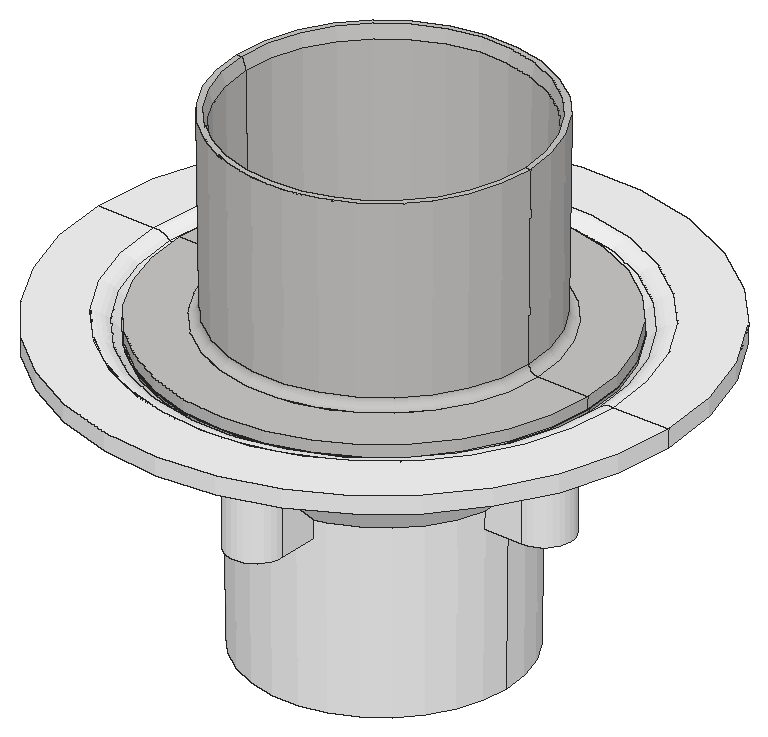
Revit family "3000.117 & 118 DPJ 80x80", category Plumbing Fixtures, Revit 2019
Family settings
  Round Connector Dimension = Use Diameter
  Part Type = Normal
  OmniClass Number = 23.45.00.00
  Work Plane-Based = No
  Always vertical = Yes
  Cut with Voids When Loaded = No
  Shared = No
  Room Calculation Point = No
Parameters (values of type "DPJ 80x80nv")
  Waste Connection = yes
  Vent Connection = no
  V = not(NV)  # no
  URL = "www.aquaknight.co.nz"
  Phone = "+6498322214"  # constant formula
  NV = yes
  Model = "3000.118"
  Manufacturer = "Aquanight Industries Ltd"  # constant formula
  Inlet = 26.5 mm
  HW Connection = no
  Email = "info@aquaknight.co.nz"  # constant formula
  Description = "DownPipe Junction 80x80 none-vented"
  CW Connection = no
Types (2, lengths in mm): name | V | NV | Model | Inlet | Description
  DPJ 80x80v | yes | no | "3000.117" | 26 | "DownPipe Junction 80x80 vented"
  DPJ 80x80nv | no | yes | "3000.118" | 26.5 | "DownPipe Junction 80x80 none-vented"
Reference planes
  plane 1 "Center (Front/Back)": y = 0
  plane 2: z = 0
  plane 3 "Center (Left/Right)": x = 0
  plane 4: z = -61.858
  plane 5: z = 26.5
Forms (mm)
  Revolve 1, solid, material "Plastic, Glossy White"
    sketch origin (0, 0, -4) x (1, 0, 0) y (0, 0, 1)
      loop
        line (68.964, -1) -> (86.492, -1) -> (86.492, 4) -> (69.731, 4)
        arc (69.731, 4) -> (67.109, 3.478) -> (64.886, 1.993) r 6.851
        line (64.886, 1.993) -> (33.035, -29.858) -> (32.428, -83.858) -> (37.428, -83.858) -> (38.011, -31.953) -> (68.964, -1)
      axis (0, 4) -> (0, -83.858)
    angle from 0 to 360
  Extrusion 2, solid, material "Plastic, Glossy White", detail levels fine
    sketch origin (0, 0, -4) x (1, 0, 0) y (0, 1, 0)
      loop
        line (-48.511, -8.2) -> (-37.02, -8.2) -> (-37.02, 8.2) -> (-48.511, 8.2)
        arc (-48.511, 8.2) -> (-56.711, 0) -> (-48.511, -8.2) r 8.2
      loop
        arc (48.511, -8.2) -> (56.711, 0) -> (48.511, 8.2) r 8.2
        line (48.511, 8.2) -> (37.02, 8.2) -> (37.02, -8.2) -> (48.511, -8.2)
      loop
        line (-8.2, 48.511) -> (-8.2, 37.02) -> (8.2, 37.02) -> (8.2, 48.511)
        arc (8.2, 48.511) -> (0, 56.711) -> (-8.2, 48.511) r 8.2
      loop
        arc (-8.2, -48.511) -> (0, -56.711) -> (8.2, -48.511) r 8.2
        line (8.2, -48.511) -> (8.2, -37.02) -> (-8.2, -37.02) -> (-8.2, -48.511)
    from -37 to -12.5
  Revolve 3, solid, visible <- "V"
    sketch origin (0, 0, 0) x (1, 0, 0) y (0, 0, 1)
      loop
        line (41.997, 48.923) -> (41.37, 0.995) -> (37.989, -2.386) -> (37.989, -7.335) -> (41.705, -3.62) -> (55, -3.62) -> (55, -0.163) -> (46.383, -0.162)
        arc (46.383, -0.162) -> (44.994, 0.399) -> (44.385, 1.768) r 2
        line (44.385, 1.768) -> (44.091, 10.186) -> (44.636, 51.875) -> (42.83, 51.875) -> (41.997, 48.923)
      loop
        line (55.55, 0.38) -> (55.55, -4.123) -> (42.603, -4.123) -> (41.726, -5) -> (41.726, -6.81) -> (56.208, -6.81) -> (62.286, -0.733) -> (62.286, 0.38) -> (55.55, 0.38)
      axis (0, 51.875) -> (0, -7.335)
    angle from 0 to 360
  Revolve 4, solid, material "Stainless Steel", visible <- "NV"
    sketch origin (0, 0, 0) x (1, 0, 0) y (0, 0, 1)
      loop
        line (-44.588, 55.875) -> (-43.984, 2.819)
        arc (-43.984, 2.819) -> (-44.744, 0.934) -> (-46.619, 0.15) r 2.635
        line (-46.619, 0.15) -> (-62, 0.15) -> (-62, -3.154) -> (-42.045, -3.154) -> (-37.833, -7.367) -> (-37.833, -2.417) -> (-41.362, 1.112) -> (-41.94, 52.241) -> (-42.965, 55.875) -> (-44.588, 55.875)
      loop
        line (-55.55, -3.33) -> (-62.257, -3.33) -> (-62, -4.288) -> (-56.036, -10.252) -> (-41.638, -10.252) -> (-42.714, -7.294) -> (-55.55, -7.294) -> (-55.55, -3.33)
      axis (0, 55.875) -> (0, -10.252)
    angle from 0 to 360
  Extrusion 5, void
    sketch origin (0, 0, 0) x (1, 0, 0) y (0, 1, 0)
      loop
        arc (-39.328, 29.575) -> (-42.62, 30.821) -> (-45.622, 28.984) r 4
        arc (-45.622, 28.984) -> (-53.939, 3.461) -> (-48.952, -22.915) r 54.05
        arc (-48.952, -22.915) -> (-48.094, -23.997) -> (-46.842, -24.581) r 3
        arc (-46.842, -24.581) -> (-44.899, -22.309) -> (-42.113, -21.221) r 6.15
        arc (-42.113, -21.221) -> (-40.837, -20.483) -> (-40.471, -19.054) r 1.903
        arc (-40.471, -19.054) -> (-44.459, 4.937) -> (-35.305, 27.469) r 44.732
        arc (-35.305, 27.469) -> (-37.495, 28.182) -> (-39.328, 29.575) r 6.9
      loop
        arc (-29.575, -39.328) -> (-30.821, -42.62) -> (-28.984, -45.622) r 4
        arc (-28.984, -45.622) -> (-3.461, -53.939) -> (22.915, -48.952) r 54.05
        arc (22.915, -48.952) -> (23.997, -48.094) -> (24.581, -46.842) r 3
        arc (24.581, -46.842) -> (22.309, -44.899) -> (21.221, -42.113) r 6.15
        arc (21.221, -42.113) -> (20.483, -40.837) -> (19.054, -40.471) r 1.903
        arc (19.054, -40.471) -> (-4.937, -44.459) -> (-27.469, -35.305) r 44.732
        arc (-27.469, -35.305) -> (-28.182, -37.495) -> (-29.575, -39.328) r 6.9
      loop
        arc (39.328, -29.575) -> (42.62, -30.821) -> (45.622, -28.984) r 4
        arc (45.622, -28.984) -> (53.939, -3.461) -> (48.952, 22.915) r 54.05
        arc (48.952, 22.915) -> (48.094, 23.997) -> (46.842, 24.581) r 3
        arc (46.842, 24.581) -> (44.899, 22.309) -> (42.113, 21.221) r 6.15
        arc (42.113, 21.221) -> (40.837, 20.483) -> (40.471, 19.054) r 1.903
        arc (40.471, 19.054) -> (44.459, -4.937) -> (35.305, -27.469) r 44.732
        arc (35.305, -27.469) -> (37.495, -28.182) -> (39.328, -29.575) r 6.9
      loop
        arc (29.575, 39.328) -> (30.821, 42.62) -> (28.984, 45.622) r 4
        arc (28.984, 45.622) -> (3.461, 53.939) -> (-22.915, 48.952) r 54.05
        arc (-22.915, 48.952) -> (-23.997, 48.094) -> (-24.581, 46.842) r 3
        arc (-24.581, 46.842) -> (-22.309, 44.899) -> (-21.221, 42.113) r 6.15
        arc (-21.221, 42.113) -> (-20.483, 40.837) -> (-19.054, 40.471) r 1.903
        arc (-19.054, 40.471) -> (4.937, 44.459) -> (27.469, 35.305) r 44.732
        arc (27.469, 35.305) -> (28.182, 37.495) -> (29.575, 39.328) r 6.9
    from -3.851 to 5.895
Cuts and joins
  Extrusion 5 cuts Revolve 3
Lines and regions (mm)
  Masking region 1
    outline origin (0, 0, 0) x (1, 0, 0) y (0, 1, 0)
      loop
        circle (0, 0) r 86.492
  symbolic lines, style "PlumbingFixtures", detail levels fine
    curve 1: circle (0, -80.89, 0) r 4.5 normal (0, 0, -1)
    curve 2: circle (0, 80.524, 0) r 4.5 normal (0, 0, 1)
    curve 3: circle (-80.89, 0, 0) r 4.5 normal (0, 0, -1)
    curve 4: circle (80.524, 0, 0) r 4.5 normal (0, 0, 1)
  symbolic lines
    curve 5: circle (0, 0, 0) r 40 normal (0, 0, 1)
    curve 8: circle (0, 0, 0) r 68.964 normal (0, 0, 1)
  symbolic lines, visible <- "V"
    curve 6: circle (0, 0, 0) r 43.545 normal (0, 0, 1)
    curve 7: circle (0, 0, 0) r 54.05 normal (0, 0, 1)
Dimensions and locks
  level to plane 4 = 61.858 mm
  locked: connector elem to plane 1 "Center (Front/Back)" at 0
  locked: connector elem to plane 3 "Center (Left/Right)" at 0  (x2)
  Revolve 1 to Revolve 1 = 51.906 mm
  locked: Revolve 4 to level at 55.875
  "Inlet": plane 5 to level
  Revolve 4 to Revolve 1 = 0.15 mm
  locked: connector elem to plane 1 "Center (Front/Back)"
  aligned and locked: level to plane 2
Automatic sketch dimensions
  Revolve 1 sketch curve to plane 3 "Center (Left/Right)" = 0 mm
  Revolve 1 sketch curve to level = 0 mm
  Revolve 1 sketch curve to level = 2.007 mm
  Revolve 1 sketch curve to Revolve 1 sketch curve = 4.844 mm
  Revolve 1 sketch curve to plane 4 = 26 mm
  plane 3 "Center (Left/Right)" to Revolve 1 sketch curve = 32.428 mm
  plane 3 "Center (Left/Right)" to Revolve 1 sketch curve = 33.035 mm
  Revolve 1 sketch curve to Revolve 1 sketch curve = 5 mm
  Revolve 1 sketch curve to Revolve 1 sketch curve = 31.852 mm
  Revolve 1 sketch curve to Revolve 1 sketch curve = 4.977 mm
  Revolve 1 sketch curve to Revolve 1 sketch curve = 0.767 mm
  Revolve 1 sketch curve to Revolve 1 sketch curve = 17.528 mm
  Revolve 1 sketch curve to Revolve 1 sketch curve = 2.094 mm
  Revolve 1 sketch curve to plane 4 = 324.078 mm
  Revolve 1 sketch curve to level = 5 mm
  level to Revolve 1 sketch curve = 2441.244 mm
  Revolve 3 sketch curve to plane 3 "Center (Left/Right)" = 0 mm
  Revolve 3 sketch curve to level = 7.335 mm
  plane 3 "Center (Left/Right)" to Revolve 3 sketch curve = 37.989 mm
  level to Revolve 3 sketch curve = 0.995 mm
  Revolve 3 sketch curve to Revolve 3 sketch curve = 3.381 mm
  plane 3 "Center (Left/Right)" to Revolve 3 sketch curve = 41.997 mm
  Revolve 3 sketch curve to level = 3.62 mm
  Revolve 3 sketch curve to Revolve 3 sketch curve = 0.335 mm
  Revolve 3 sketch curve to Revolve 3 sketch curve = 0.833 mm
  level to Revolve 3 sketch curve = 10.186 mm
  Revolve 3 sketch curve to Revolve 3 sketch curve = 2.721 mm
  level to Revolve 3 sketch curve = 1.768 mm
  Revolve 3 sketch curve to Revolve 3 sketch curve = 3.015 mm
  Revolve 3 sketch curve to Revolve 3 sketch curve = 1.806 mm
  Revolve 3 sketch curve to level = 0.162 mm
  Revolve 3 sketch curve to Revolve 3 sketch curve = 1.999 mm
  Revolve 3 sketch curve to Revolve 3 sketch curve = 0.021 mm
  Revolve 3 sketch curve to Revolve 3 sketch curve = 13.274 mm
  Revolve 3 sketch curve to level = 6.81 mm
  Revolve 3 sketch curve to Revolve 3 sketch curve = 1.208 mm
  Revolve 3 sketch curve to level = 0.733 mm
  Revolve 3 sketch curve to Revolve 3 sketch curve = 7.286 mm
  Revolve 3 sketch curve to Revolve 3 sketch curve = 1.81 mm
  Revolve 3 sketch curve to level = 2.386 mm
  level to Revolve 3 sketch curve = 0.38 mm
  Revolve 3 sketch curve to Revolve 3 sketch curve = 38.737 mm
  Revolve 3 sketch curve to Revolve 3 sketch curve = 2.952 mm
  Revolve 3 sketch curve to Revolve 3 sketch curve = 0.877 mm
  Revolve 3 sketch curve to Revolve 3 sketch curve = 0.55 mm
  Revolve 3 sketch curve to plane 4 = 320.078 mm
  Revolve 3 sketch curve to Revolve 3 sketch curve = 2393.368 mm
  Revolve 3 sketch curve to Revolve 3 sketch curve = 0.503 mm
  plane 1 "Center (Front/Back)" to Extrusion 2 sketch curve = 0 mm  (x2)
  Extrusion 2 sketch curve to plane 3 "Center (Left/Right)" = 0 mm  (x2)
  Extrusion 2 sketch curve to plane 3 "Center (Left/Right)" = 8.2 mm  (x2)
  Extrusion 2 sketch curve to plane 1 "Center (Front/Back)" = 8.2 mm
  plane 1 "Center (Front/Back)" to Extrusion 2 sketch curve = 8.2 mm
  plane 3 "Center (Left/Right)" to Extrusion 2 sketch curve = 37.02 mm
  Extrusion 2 sketch curve to Extrusion 2 sketch curve = 11.491 mm  (x4)
  plane 1 "Center (Front/Back)" to Extrusion 2 sketch curve = 37.02 mm
  Extrusion 2 sketch curve to plane 1 "Center (Front/Back)" = 37.02 mm
  Extrusion 2 sketch curve to Extrusion 2 sketch curve = 0 mm
  Extrusion 2 sketch curve to plane 3 "Center (Left/Right)" = 37.02 mm
  Extrusion 5 sketch curve to Extrusion 5 sketch curve = 0 mm  (x28)
  plane 1 "Center (Front/Back)" to Extrusion 5 sketch curve = 21.643 mm
  Extrusion 5 sketch curve to plane 3 "Center (Left/Right)" = 46.235 mm
  Extrusion 5 sketch curve to Extrusion 5 sketch curve = 3.882 mm  (x4)
  Extrusion 5 sketch curve to plane 1 "Center (Front/Back)" = 26.839 mm
  Extrusion 5 sketch curve to Extrusion 5 sketch curve = 0.108 mm
  Extrusion 5 sketch curve to Extrusion 5 sketch curve = 4.899 mm
  Extrusion 5 sketch curve to Extrusion 5 sketch curve = 7.951 mm  (x3)
  Extrusion 5 sketch curve to Extrusion 5 sketch curve = 7.042 mm  (x4)
  Extrusion 5 sketch curve to Extrusion 5 sketch curve = 6.973 mm  (x4)
  Extrusion 5 sketch curve to Extrusion 5 sketch curve = 7.456 mm  (x4)
  Extrusion 5 sketch curve to Extrusion 5 sketch curve = 5.679 mm  (x3)
  Extrusion 5 sketch curve to Extrusion 5 sketch curve = 2.309 mm  (x3)
  Extrusion 5 sketch curve to Extrusion 5 sketch curve = 42.354 mm
  Extrusion 5 sketch curve to Extrusion 5 sketch curve = 46.172 mm  (x3)
  Extrusion 5 sketch curve to plane 1 "Center (Front/Back)" = 42.246 mm
  Extrusion 5 sketch curve to plane 1 "Center (Front/Back)" = 19.334 mm
  Extrusion 5 sketch curve to Extrusion 5 sketch curve = 1.017 mm  (x3)
  Extrusion 5 sketch curve to plane 1 "Center (Front/Back)" = 21.643 mm
  plane 1 "Center (Front/Back)" to Extrusion 5 sketch curve = 0 mm
  Extrusion 5 sketch curve to plane 1 "Center (Front/Back)" = 27.322 mm
  Extrusion 5 sketch curve to Extrusion 5 sketch curve = 0.607 mm
  Extrusion 5 sketch curve to Extrusion 5 sketch curve = 2.11 mm  (x2)
  Extrusion 5 sketch curve to Extrusion 5 sketch curve = 1.882 mm  (x2)
  Extrusion 5 sketch curve to Extrusion 5 sketch curve = 2.736 mm
  Extrusion 5 sketch curve to Extrusion 5 sketch curve = 2.106 mm
  Extrusion 5 sketch curve to Extrusion 5 sketch curve = 2.938 mm
  Extrusion 5 sketch curve to Extrusion 5 sketch curve = 1.666 mm
  Extrusion 5 sketch curve to Extrusion 5 sketch curve = 0.279 mm  (x2)
  Extrusion 5 sketch curve to Extrusion 5 sketch curve = 6.826 mm
  Extrusion 5 sketch curve to Extrusion 5 sketch curve = 1.01 mm
  Extrusion 5 sketch curve to Extrusion 5 sketch curve = 2.918 mm
  Revolve 4 sketch curve to plane 3 "Center (Left/Right)" = 0 mm
  Revolve 4 sketch curve to level = 7.367 mm
  Revolve 4 sketch curve to plane 3 "Center (Left/Right)" = 37.833 mm
  level to Revolve 4 sketch curve = 1.112 mm
  Revolve 4 sketch curve to Revolve 4 sketch curve = 3.529 mm
  Revolve 4 sketch curve to level = 10.252 mm
  Revolve 4 sketch curve to Revolve 4 sketch curve = 3.804 mm
  Revolve 4 sketch curve to plane 3 "Center (Left/Right)" = 41.94 mm
  Revolve 4 sketch curve to Revolve 4 sketch curve = 1.076 mm
  Revolve 4 sketch curve to Revolve 4 sketch curve = 1.025 mm
  level to Revolve 4 sketch curve = 2.819 mm
  Revolve 4 sketch curve to Revolve 4 sketch curve = 2.623 mm
  Revolve 4 sketch curve to Revolve 4 sketch curve = 1.623 mm
  level to Revolve 4 sketch curve = 0.15 mm
  Revolve 4 sketch curve to Revolve 4 sketch curve = 2.635 mm
  Revolve 4 sketch curve to level = 3.33 mm
  Revolve 4 sketch curve to Revolve 4 sketch curve = 8.931 mm
  Revolve 4 sketch curve to Revolve 4 sketch curve = 0.486 mm
  Revolve 4 sketch curve to level = 3.154 mm
  Revolve 4 sketch curve to Revolve 4 sketch curve = 6.45 mm
  Revolve 4 sketch curve to level = 4.288 mm
  Revolve 4 sketch curve to Revolve 4 sketch curve = 0 mm
  Revolve 4 sketch curve to Revolve 4 sketch curve = 0.257 mm
  Revolve 4 sketch curve to Revolve 4 sketch curve = 2.958 mm
  Revolve 4 sketch curve to level = 2.417 mm
  plane 5 to Revolve 4 sketch curve = 25.741 mm
  Revolve 4 sketch curve to Revolve 4 sketch curve = 3.634 mm
  Revolve 4 sketch curve to Revolve 4 sketch curve = 0.668 mm
  Revolve 4 sketch curve to plane 4 = 320.078 mm
  Revolve 4 sketch curve to Revolve 4 sketch curve = 2396.556 mm
  curve 5 to curve 6 = 0 mm  (x2)
  curve 5 to curve 7 = 0 mm  (x2)
  curve 5 to curve 8 = 0 mm  (x2)
  curve 6 to curve 7 = 0 mm  (x2)
  curve 6 to curve 8 = 0 mm  (x2)
  curve 7 to curve 8 = 0 mm  (x2)
  curve 1 to plane 3 "Center (Left/Right)" = 0 mm
  plane 1 "Center (Front/Back)" to curve 3 = 0 mm
  plane 1 "Center (Front/Back)" to curve 4 = 0 mm
  plane 1 "Center (Front/Back)" to curve 5 = 0 mm
  curve 2 to plane 3 "Center (Left/Right)" = 0 mm
  curve 8 to plane 3 "Center (Left/Right)" = 0 mm
  plane 1 "Center (Front/Back)" to curve 1 = 80.89 mm
  curve 2 to plane 1 "Center (Front/Back)" = 80.524 mm
  plane 3 "Center (Left/Right)" to curve 4 = 80.524 mm
  curve 3 to plane 3 "Center (Left/Right)" = 80.89 mm
  plane 1 "Center (Front/Back)" to Masking region 1 sketch curve = 0 mm
  Masking region 1 sketch curve to plane 3 "Center (Left/Right)" = 0 mm
  radius of curve 1 = 4.5 mm
  radius of curve 2 = 4.5 mm
  radius of curve 3 = 4.5 mm
  radius of curve 4 = 4.5 mm
  radius of curve 5 = 40 mm
  radius of curve 6 = 43.545 mm
  radius of curve 7 = 54.05 mm
  radius of curve 8 = 68.964 mm
  radius of Masking region 1 sketch curve = 86.492 mm
Connectors
  piping at (0, 0, -61.858), diameter 80
    settings: on plane 4, index 1, connector inside diameter 609.6 mm, connector length 0 mm, flow factor 0, pipe flow 0.0 L/s, pressure drop 0.0 Pa, fitting loss kfactor 0, connector angle 0.00°, fixture units 0, engagement length 0 mm, angle of deflection 0.00°, flow configuration 0, flow direction 0, fitting loss method 0, system type 28, joint type 0, gender type 0, connector reference index 2, connector utility 0, adjustable connector no, is connector primary no, connector description ""
  piping at (0, 0, 26.5), diameter 80
    settings: on plane 5, index 2, connector inside diameter 609.6 mm, connector length 0 mm, flow factor 0, pipe flow 0.0 L/s, pressure drop 0.0 Pa, fitting loss kfactor 0, connector angle 0.00°, fixture units 0, engagement length 0 mm, angle of deflection 0.00°, flow configuration 0, flow direction 0, fitting loss method 0, system type 28, joint type 0, gender type 0, connector reference index 1, connector utility 0, adjustable connector no, is connector primary yes, connector description ""
